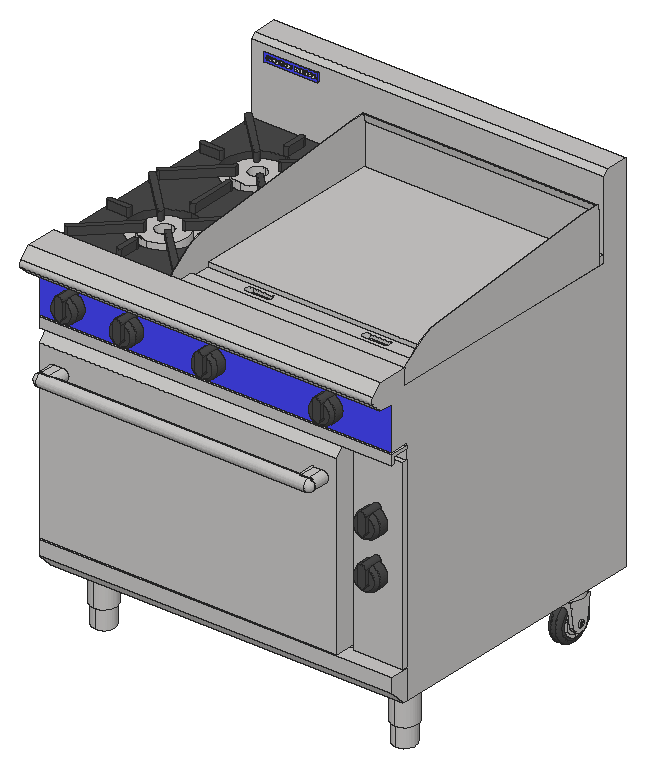
Revit family "QF_MOFFAT_BLUESEAL_CE_GE506B", category Specialty Equipment, Revit 2012 (continued)
Automatic sketch dimensions
  Extrusion 32 sketch curve to Extrusion 32 sketch curve = 53.847 mm  (x4)
  Extrusion 32 sketch curve to Extrusion 31 = 58.364 mm
  Extrusion 33 sketch curve to Extrusion 33 sketch curve = 0 mm  (x4)
  plane 12 to Extrusion 33 sketch curve = 67.472 mm
  plane 10 to Extrusion 33 sketch curve = 36.772 mm
  plane 14 to Extrusion 33 sketch curve = 76 mm  (x2)
  curve 22 to curve 23 = 0 mm  (x2)
  curve 22 to curve 26 = 0 mm  (x2)
  curve 22 to curve 27 = 0 mm  (x2)
  curve 23 to curve 26 = 0 mm  (x2)
  curve 23 to curve 27 = 0 mm  (x2)
  curve 24 to curve 25 = 0 mm  (x2)
  curve 26 to curve 27 = 0 mm  (x2)
  curve 36 to curve 37 = 0 mm  (x2)
  curve 36 to curve 38 = 0 mm  (x2)
  curve 36 to curve 39 = 0 mm  (x2)
  curve 36 to curve 40 = 0 mm  (x2)
  curve 36 to curve 41 = 0 mm  (x2)
  curve 37 to curve 38 = 0 mm  (x2)
  curve 37 to curve 39 = 0 mm  (x2)
  curve 37 to curve 40 = 0 mm  (x2)
  curve 37 to curve 41 = 0 mm  (x2)
  curve 38 to curve 39 = 0 mm  (x2)
  curve 38 to curve 40 = 0 mm  (x2)
  curve 38 to curve 41 = 0 mm  (x2)
  curve 39 to curve 40 = 0 mm  (x2)
  curve 39 to curve 41 = 0 mm  (x2)
  curve 40 to curve 41 = 0 mm  (x2)
  plane 10 to curve 22 = 36.772 mm
  plane 14 to curve 22 = 76 mm
  curve 24 to curve 22 = 0 mm
  plane 14 to curve 36 = 76 mm
  curve 26 to curve 22 = 22 mm
  curve 23 to curve 26 = 35 mm
  curve 25 to curve 22 = 27.732 mm
  curve 37 to plane 12 = 17.528 mm
  plane 12 to curve 39 = 10.472 mm
  curve 41 to curve 38 = 35 mm
  curve 37 to curve 40 = 22 mm
  curve 22 to curve 24 = 0.268 mm
  Split face 1 sketch curve to cut or joined group of Extrusion 1, Extrusion 18 = 27.115 mm
  Split face 1 sketch curve to cut or joined group of Extrusion 1, Extrusion 18 = 273.455 mm
  Split face 1 sketch curve to Split face 1 sketch curve = 4.041 mm  (x4)
  Split face 1 sketch curve to Split face 1 sketch curve = 8.66 mm  (x2)
  Split face 1 sketch curve to cut or joined group of Extrusion 1, Extrusion 18 = 12.115 mm
  Split face 1 sketch curve to cut or joined group of Extrusion 1, Extrusion 18 = 36.836 mm
  Split face 1 sketch curve to Split face 1 sketch curve = 7 mm  (x3)
  Split face 1 sketch curve to Split face 1 sketch curve = 17 mm
  Split face 2 sketch curve to cut or joined group of Extrusion 1, Extrusion 18 = 27.115 mm
  Split face 2 sketch curve to cut or joined group of Extrusion 1, Extrusion 18 = 326.545 mm
  Split face 2 sketch curve to Split face 2 sketch curve = 4.041 mm  (x4)
  Split face 2 sketch curve to Split face 2 sketch curve = 8.66 mm  (x2)
  Split face 2 sketch curve to cut or joined group of Extrusion 1, Extrusion 18 = 12.115 mm
  Split face 2 sketch curve to Split face 2 sketch curve = 223.917 mm
  Split face 2 sketch curve to Split face 2 sketch curve = 7 mm  (x3)
  Split face 2 sketch curve to Split face 2 sketch curve = 17 mm
  Split face 3 sketch curve to cut or joined group of Extrusion 1, Extrusion 18 = 26.545 mm
  Split face 3 sketch curve to Split face 3 sketch curve = 4.041 mm  (x4)
  Split face 3 sketch curve to Split face 3 sketch curve = 8.66 mm  (x2)
  Split face 3 sketch curve to cut or joined group of Extrusion 1, Extrusion 18 = 22.115 mm
  Split face 3 sketch curve to Split face 3 sketch curve = 223.917 mm
  Split face 3 sketch curve to cut or joined group of Extrusion 1, Extrusion 18 = 17.115 mm
  Split face 3 sketch curve to Split face 3 sketch curve = 10 mm
  Split face 3 sketch curve to Split face 3 sketch curve = 7 mm  (x3)
  plane 21 to Revolve 35 sketch curve = 53 mm
  Revolve 35 sketch curve to Revolve 35 sketch curve = 0 mm  (x2)
  Revolve 35 sketch curve to Revolve 35 sketch curve = 11 mm
  Revolve 35 sketch curve to Revolve 35 sketch curve = 12.7 mm
  plane 21 to Revolve 35 sketch curve = 19 mm
  plane 21 to Revolve 35 sketch curve = 9 mm
  Revolve 35 sketch curve to plane 18 = 223.743 mm
  Revolve 35 sketch curve to Revolve 35 sketch curve = 5 mm
  Revolve 35 sketch curve to Revolve 35 sketch curve = 26.651 mm
  Revolve 35 sketch curve to Revolve 35 sketch curve = 5.849 mm
  Extrusion 36 sketch curve to plane 16 = 7.156 mm
  plane 16 to Extrusion 36 sketch curve = 2.844 mm
  Extrusion 36 sketch curve to plane 18 = 231.743 mm
  Extrusion 36 sketch curve to Extrusion 36 sketch curve = 35 mm
  radius of Extrusion 6 sketch curve = 10 mm
  radius of Extrusion 31 sketch curve = 85 mm  (x2)
  radius of Extrusion 33 sketch curve = 57 mm  (x2)
  radius of Extrusion 33 sketch curve = 22 mm  (x2)
  radius of Extrusion 34 sketch curve = 6.35 mm
Nested families
  nested 1: "WALDORF LOGO_FACE BASE" at (32, -70, 1056.385) x (1, 0, 0) z (0, -1, 0), visible <- "Show Logo", type "WALDORF LOGO_FACE BASE", detail levels medium+fine
    with Show Logo yes
  nested 2: "GAS GRIDDLE PLATE 600" at (300, -85, 874.5), type "GAS GRIDDLE PLATE 600"
    with Width 600 mm, Type Mark "", Status "", Specification by User "", Revision Code "", Item Number "", Installed By "", Identify Quantity as Lot yes, Furnished By "", Foodservice Equipment Identifier yes, Depth 620 mm
Connectors
  piping at (770, -32, 655)
    settings: on Extrusion 6, index 4, connector radius 0.37402", flow factor 0, pipe flow 0 GPM, pressure drop 0.00 psi, fitting loss kfactor 0, connector angle 0.00°, fixture units 0, engagement length 0 mm, flow configuration 1, flow direction 1, fitting loss method 0, system type 7, joint type 0, gender type 0, connector reference index -1, connector utility 0, adjustable connector no, is connector primary yes, fitting loss table "", connector description "GAS CONNECTION"
  electrical at (826, -501, 147.817), driven by "Volts", driven by "Watts"
    settings: on Extrusion 34, index 5, voltage 400 V, apparent load 6500 VA, apparent load phase1 0 VA, apparent load phase2 0 VA, apparent load phase3 0 VA, power factor 1, load classification "Other", number of poles 1, system type 30, power factor state 1, is connector primary yes, connector utility no, sub classification motor no, connector description "ELECTRICAL CONNECTION"
Definition of nested family "WALDORF LOGO_FACE BASE"
  Parameters (values of type "WALDORF LOGO_FACE BASE")
    Show Logo [instance] = yes
    Default Elevation = 1219.2 mm
  Reference planes
    plane 1 "Center (Front/Back)": y = 0
    plane 2: z = 0
    plane 3 "Center (Left/Right)": x = 0
  Forms (mm)
    Extrusion 1, solid
      sketch origin (0, 0, 0) x (1, 0, 0) y (0, 1, 0)
        loop
          line (-1219.2, 1219.2) -> (-1219.2, -1219.2) -> (1219.2, -1219.2) -> (1219.2, 1219.2) -> (-1219.2, 1219.2)
      from 0 to -304.8
    Extrusion 2, solid, material "QF_Finishes_Blue", visible <- "Show Logo"
      sketch origin (0, -33.217, 0) x (1, 0, 0) y (0, 1, 0)
        loop
          arc (138, 31.942) -> (137.626, 32.844) -> (136.724, 33.217) r 1.276
          line (136.724, 33.217) -> (1.29, 33.217)
          arc (1.29, 33.217) -> (0.378, 32.839) -> (0, 31.927) r 1.29
          line (0, 31.927) -> (0, 11.507)
          arc (0, 11.507) -> (0.378, 10.595) -> (1.29, 10.217) r 1.29
          line (1.29, 10.217) -> (136.71, 10.217)
          arc (136.71, 10.217) -> (137.622, 10.595) -> (138, 11.507) r 1.29
          line (138, 11.507) -> (138, 31.942)
      from 0 to 1.588
    Extrusion 3, solid, material "QF_Finishes_White", visible <- "Show Logo"
      sketch origin (0, -33.217, 1.588) x (1, 0, 0) y (0, 1, 0)
        loop
          arc (108.946, 25.919) -> (107.613, 25.367) -> (107.061, 24.034) r 1.885
          line (107.061, 24.034) -> (107.061, 17.211) -> (112.704, 17.211) -> (112.704, 19.129) -> (115.546, 19.129) -> (115.546, 17.211) -> (121.584, 17.211) -> (121.584, 24.075)
          arc (121.584, 24.075) -> (121.043, 25.379) -> (119.739, 25.919) r 1.845
          line (119.739, 25.919) -> (108.946, 25.919)
        loop
          line (123.478, 25.919) -> (123.478, 17.163) -> (134.904, 17.163) -> (134.904, 19.129) -> (129.246, 19.129) -> (129.246, 25.919) -> (123.478, 25.919)
        loop
          line (112.704, 21.258) -> (115.546, 21.258) -> (115.546, 22.702)
          arc (115.546, 22.702) -> (115.344, 23.188) -> (114.858, 23.389) r 0.687
          line (114.858, 23.389) -> (113.363, 23.389)
          arc (113.363, 23.389) -> (112.897, 23.196) -> (112.704, 22.73) r 0.658
          line (112.704, 22.73) -> (112.704, 21.258)
        loop
          line (105.071, 25.919) -> (93.771, 25.919) -> (93.771, 17.163) -> (105.071, 17.163) -> (105.071, 19.063) -> (99.535, 19.063) -> (99.535, 20.437) -> (105.071, 20.437) -> (105.071, 22.278) -> (99.535, 22.278) -> (99.535, 23.587) -> (105.071, 23.587) -> (105.071, 25.919)
        loop
          line (91.104, 25.919) -> (79.541, 25.919)
          arc (79.541, 25.919) -> (78.558, 25.513) -> (78.152, 24.53) r 1.389
          line (78.152, 24.53) -> (78.152, 22.08)
          arc (78.152, 22.08) -> (78.558, 21.098) -> (79.541, 20.691) r 1.389
          line (79.541, 20.691) -> (86.346, 20.691) -> (86.346, 18.864) -> (83.266, 18.864) -> (83.266, 19.664) -> (78.152, 19.664) -> (78.152, 18.553)
          arc (78.152, 18.553) -> (78.558, 17.57) -> (79.541, 17.163) r 1.389
          line (79.541, 17.163) -> (91.063, 17.163)
          arc (91.063, 17.163) -> (92.045, 17.57) -> (92.452, 18.553) r 1.389
          line (92.452, 18.553) -> (92.452, 20.691)
          arc (92.452, 20.691) -> (92.045, 21.673) -> (91.063, 22.08) r 1.389
          line (91.063, 22.08) -> (83.266, 22.08) -> (83.266, 23.984) -> (86.346, 23.984) -> (86.346, 22.743) -> (92.452, 22.743) -> (92.452, 24.571)
          arc (92.452, 24.571) -> (92.057, 25.524) -> (91.104, 25.919) r 1.348
        loop
          line (70.705, 25.919) -> (59.405, 25.919) -> (59.405, 17.163) -> (70.705, 17.163) -> (70.705, 19.063) -> (65.169, 19.063) -> (65.169, 20.437) -> (70.705, 20.437) -> (70.705, 22.278) -> (65.169, 22.278) -> (65.169, 23.587) -> (70.705, 23.587) -> (70.705, 25.919)
        loop
          line (57.598, 25.919) -> (51.7, 25.919) -> (51.7, 20.18)
          arc (51.7, 20.18) -> (50.63, 19.11) -> (49.56, 20.18) r 1.07
          line (49.56, 20.18) -> (49.56, 25.919) -> (43.663, 25.919) -> (43.663, 19.049)
          arc (43.663, 19.049) -> (44.215, 17.716) -> (45.548, 17.163) r 1.885
          line (45.548, 17.163) -> (55.71, 17.163)
          arc (55.71, 17.163) -> (57.045, 17.716) -> (57.598, 19.051) r 1.887
          line (57.598, 19.051) -> (57.598, 25.919)
        loop
          line (31.62, 25.919) -> (31.62, 17.163) -> (43.046, 17.163) -> (43.046, 19.129) -> (37.388, 19.129) -> (37.388, 25.919) -> (31.62, 25.919)
        loop
          line (15.969, 25.919) -> (15.969, 17.163) -> (28.693, 17.163)
          arc (28.693, 17.163) -> (29.812, 17.627) -> (30.276, 18.746) r 1.582
          line (30.276, 18.746) -> (30.276, 20.447) -> (29.48, 21.243) -> (30.276, 22.039) -> (30.276, 24.332)
          arc (30.276, 24.332) -> (29.811, 25.454) -> (28.688, 25.919) r 1.587
          line (28.688, 25.919) -> (15.969, 25.919)
        loop
          line (21.449, 24.159) -> (21.449, 22.436) -> (23.862, 22.436)
          arc (23.862, 22.436) -> (24.723, 23.298) -> (23.862, 24.159) r 0.861
          line (23.862, 24.159) -> (21.449, 24.159)
        loop
          line (21.449, 20.244) -> (21.449, 18.522) -> (23.862, 18.522)
          arc (23.862, 18.522) -> (24.723, 19.383) -> (23.862, 20.244) r 0.861
          line (23.862, 20.244) -> (21.449, 20.244)
      from 0 to 0.2
    Extrusion 4, solid, material "QF_Finishes_Blue", visible <- "Show Logo"
      sketch origin (-126.498, -31.09, 1.588) x (1, 0, 0) y (0, 1, 0)
        loop
          line (136.738, 23.522) -> (136.738, 15.1)
          arc (136.738, 15.1) -> (140.756, 19.311) -> (136.738, 23.522) r 4.216
      from 0 to 0.2
    Extrusion 5, solid, material "QF_Finishes_Red", visible <- "Show Logo"
      sketch origin (146.849, -31.09, 1.588) x (-1, 0, 0) y (0, -1, 0)
        loop
          arc (136.738, -23.522) -> (140.756, -19.311) -> (136.738, -15.1) r 4.216
          line (136.738, -15.1) -> (136.738, -23.522)
      from 0 to 0.2
  Lines and regions (mm)
    Split face 1
      outline origin (-90.35, -30.793, 1.588) x (1, 0, 0) y (0, 1, 0)
        loop
          circle (100.54, 19.013) r 4.536
  Dimensions and locks
    aligned and locked: plane 2 to Extrusion 1
    aligned and locked: level to Extrusion 1
Definition of nested family "GAS GRIDDLE PLATE 600"
  Parameters (values of type "GAS GRIDDLE PLATE 600")
    Width [instance] = 600 mm
    Weight in Pounds = 0
    URL Cutsheet = ""
    Type Mark [instance] = ""
    Status [instance] = ""
    Specification by User [instance] = ""
    Specification by Manufacturer = ""
    Serial Number = ""
    Seismic Rating = ""
    SMACNA No = ""
    Revision Code [instance] = ""
    Omniclass Number and Title = ""
    NAFEM Spec ID Number = ""
    Masterspec = ""
    Item Number [instance] = ""
    Installed By [instance] = ""
    Identify Quantity as Lot [instance] = yes
    Furnished By [instance] = ""
    Foodservice Equipment Identifier [instance] = yes
    Depth [instance] = 620 mm
    CSI MasterFormat = ""
    CSI Master Format = ""
  Reference planes
    plane 1 "BACK": y = 0
    plane 2: z = 0
    plane 3 "LEFT": x = 0
    plane 4 "RIGHT": x = 600
    plane 5 "FRONT": y = -620
    plane 6 "TOP": z = 142.5
    plane 7 "Center Y": x = 300
    plane 8 "Center X": y = -310
    plane 9: y = -530.997
    plane 10: y = -541.497
    plane 11: y = -503.25
    plane 12: y = -557.737
  Forms (mm)
    Extrusion 1, solid, material "QF_Finishes_Stainless Steel"
      sketch origin (0, 70.003, -874.5) x (0, 1, 0) y (0, 0, 1)
        loop
          line (-70, 875) -> (-70, 997.489) -> (-75.228, 1017) -> (-117.24, 1017) -> (-589.533, 971.523)
          arc (-589.533, 971.523) -> (-614.56, 965.803) -> (-637.306, 953.899) r 100
          line (-637.306, 953.899) -> (-690.003, 917) -> (-690.003, 875) -> (-70, 875)
      from 0 to 1.8
    Extrusion 2, solid, material "QF_Finishes_Stainless Steel"
      sketch origin (600, 70.003, -874.5) x (0, -1, 0) y (0, 0, 1)
        loop
          line (70, 875) -> (690.003, 875) -> (690.003, 917) -> (637.306, 953.899)
          arc (637.306, 953.899) -> (614.56, 965.803) -> (589.533, 971.523) r 100
          line (589.533, 971.523) -> (117.24, 1017) -> (75.228, 1017) -> (70, 997.489) -> (70, 875)
      from 0 to 1.2
    Extrusion 3, solid, material "QF_Finishes_Stainless Steel"
      sketch origin (150, 70.003, -874.5) x (0, 1, 0) y (0, 0, 1)
        loop
          line (-55, 895) -> (-573.253, 895) -> (-573.253, 884.5) -> (-627.74, 884.5) -> (-627.74, 895) -> (-690.003, 895) -> (-690.003, 875) -> (-55, 875) -> (-55, 895)
      from -148.2 to 448.8
    Extrusion 4, void
      sketch origin (150, -541.497, 10) x (0, -1, 0) y (1, 0, 0)
        loop
          arc (-7.497, 25.113) -> (-17.497, 35.113) -> (-27.497, 25.113) r 10
          line (-27.497, 25.113) -> (-27.497, -24.887)
          arc (-27.497, -24.887) -> (-17.497, -34.887) -> (-7.497, -24.887) r 10
          line (-7.497, -24.887) -> (-7.497, 25.113)
        loop
          line (-7.497, 274.887) -> (-7.497, 324.887)
          arc (-7.497, 324.887) -> (-17.497, 334.887) -> (-27.497, 324.887) r 10
          line (-27.497, 324.887) -> (-27.497, 274.887)
          arc (-27.497, 274.887) -> (-17.497, 264.887) -> (-7.497, 274.887) r 10
      from -41.4 to 40.142
    Extrusion 5, solid, material "QF_Finishes_Stainless Steel"
      sketch origin (0, 70.003, -874.5) x (0, 1, 0) y (0, 0, 1)
        loop
          line (-70, 875) -> (-70, 997.489) -> (-75.228, 1017) -> (-76.884, 1017) -> (-71.6, 997.278) -> (-71.6, 875) -> (-70, 875)
      from 0 to 598.8
  Cuts and joins
    Extrusion 4 cuts Extrusion 3
    joined: Extrusion 1, Extrusion 2, Extrusion 3
  Lines and regions (mm)
    symbolic lines
      curve 1: line (600, -503.25, 0) -> (0, -503.25, 0)
      curve 2: line (0, -557.737, 0) -> (600, -557.737, 0)
      curve 3: line (0, -1.68, 0) -> (600, -1.68, 0)
      curve 4: line (600, -1.68, 0) -> (600, -620, 0)
      curve 5: line (0, -620, 0) -> (0, -1.68, 0)
      curve 6: line (0, -620, 0) -> (600, -620, 0)
      curve 7: arc (175.113, -534, 0) -> (185.113, -524, 0) -> (175.113, -514, 0) r 10
      curve 8: line (175.113, -514, 0) -> (125.113, -514, 0)
      curve 9: arc (125.113, -514, 0) -> (115.113, -524, 0) -> (125.113, -534, 0) r 10
      curve 10: line (125.113, -534, 0) -> (175.113, -534, 0)
      curve 11: arc (424.887, -534, 0) -> (414.887, -524, 0) -> (424.887, -514, 0) r 10
      curve 12: line (424.887, -514, 0) -> (474.887, -514, 0)
      curve 13: arc (474.887, -514, 0) -> (484.887, -524, 0) -> (474.887, -534, 0) r 10
      curve 14: line (474.887, -534, 0) -> (424.887, -534, 0)
  Dimensions and locks
    equal spacing: plane 3 "LEFT", plane 7 "Center Y", plane 4 "RIGHT"
    "Width": plane 3 "LEFT" to plane 4 "RIGHT"
    equal spacing: plane 5 "FRONT", plane 8 "Center X", plane 1 "BACK"
    "Depth": plane 5 "FRONT" to plane 1 "BACK"
    locked: Extrusion 2 to Extrusion 2 at 1.2
    aligned and locked: level to plane 2
    aligned and locked: Extrusion 2 to plane 4 "RIGHT"
    aligned and locked: curve 1 to plane 11
    aligned and locked: plane 12 to curve 2
    aligned and locked: Extrusion 5 to cut or joined group of Extrusion 1, Extrusion 2, Extrusion 3, Extrusion 4
  Automatic sketch dimensions
    Extrusion 1 sketch curve to plane 5 "FRONT" = 0 mm
    Extrusion 1 sketch curve to plane 6 "TOP" = 0 mm
    plane 12 to Extrusion 1 sketch curve = 9.566 mm
    plane 11 to Extrusion 1 sketch curve = 16.28 mm
    Extrusion 1 sketch curve to level = 2.516 mm
    plane 11 to Extrusion 1 sketch curve = 6.695 mm
    plane 1 "BACK" to Extrusion 1 sketch curve = 47.237 mm
    plane 1 "BACK" to Extrusion 1 sketch curve = 5.225 mm
    Extrusion 1 sketch curve to plane 1 "BACK" = 0.003 mm
    level to Extrusion 1 sketch curve = 0.5 mm
    Extrusion 1 sketch curve to Extrusion 1 sketch curve = 42 mm
    Extrusion 1 sketch curve to plane 6 "TOP" = 63.101 mm
    Extrusion 1 sketch curve to plane 6 "TOP" = 19.511 mm
    Extrusion 2 sketch curve to plane 6 "TOP" = 0 mm
    Extrusion 2 sketch curve to plane 5 "FRONT" = 0 mm
    plane 12 to Extrusion 2 sketch curve = 9.566 mm
    plane 11 to Extrusion 2 sketch curve = 16.28 mm
    Extrusion 2 sketch curve to level = 2.516 mm
    plane 11 to Extrusion 2 sketch curve = 6.695 mm
    plane 1 "BACK" to Extrusion 2 sketch curve = 47.237 mm
    plane 1 "BACK" to Extrusion 2 sketch curve = 5.225 mm
    Extrusion 2 sketch curve to plane 1 "BACK" = 0.003 mm
    level to Extrusion 2 sketch curve = 0.5 mm
    Extrusion 2 sketch curve to Extrusion 2 sketch curve = 42 mm
    Extrusion 2 sketch curve to plane 6 "TOP" = 63.101 mm
    Extrusion 2 sketch curve to plane 6 "TOP" = 19.511 mm
    Extrusion 3 sketch curve to plane 5 "FRONT" = 0 mm
    Extrusion 3 sketch curve to plane 12 = 0 mm
    Extrusion 3 sketch curve to plane 11 = 0 mm
    Extrusion 3 sketch curve to plane 1 "BACK" = 15.003 mm
    level to Extrusion 3 sketch curve = 0.5 mm
    level to Extrusion 3 sketch curve = 10 mm
    Extrusion 3 sketch curve to Extrusion 3 sketch curve = 10.5 mm  (x2)
    plane 1 "BACK" to Extrusion 5 sketch curve = 5.225 mm
    Extrusion 5 sketch curve to plane 1 "BACK" = 0.003 mm
    Extrusion 5 sketch curve to plane 6 "TOP" = 19.511 mm
    Extrusion 5 sketch curve to Extrusion 5 sketch curve = 1.6 mm
    Extrusion 5 sketch curve to Extrusion 5 sketch curve = 0.211 mm
    Extrusion 5 sketch curve to plane 6 "TOP" = 0 mm
    Extrusion 5 sketch curve to Extrusion 5 sketch curve = 1.656 mm
    level to Extrusion 5 sketch curve = 0.5 mm
    plane 11 to Extrusion 4 sketch curve = 10.75 mm  (x2)
    Extrusion 4 sketch curve to Extrusion 4 sketch curve = 10 mm  (x2)
    plane 3 "LEFT" to Extrusion 4 sketch curve = 125.113 mm
    Extrusion 4 sketch curve to Extrusion 4 sketch curve = 50 mm  (x2)
    plane 7 "Center Y" to Extrusion 4 sketch curve = 124.887 mm
    curve 6 to plane 3 "LEFT" = 0 mm
    curve 3 to plane 4 "RIGHT" = 0 mm
    plane 5 "FRONT" to curve 6 = 0 mm
    plane 11 to curve 8 = 10.75 mm
    plane 3 "LEFT" to curve 8 = 125.113 mm
    curve 10 to plane 12 = 23.737 mm
    curve 9 to curve 10 = 50 mm
    curve 11 to plane 12 = 23.737 mm
    plane 7 "Center Y" to curve 11 = 124.887 mm
    plane 11 to curve 12 = 10.75 mm
    curve 12 to curve 12 = 50 mm
    plane 1 "BACK" to curve 3 = 1.68 mm
